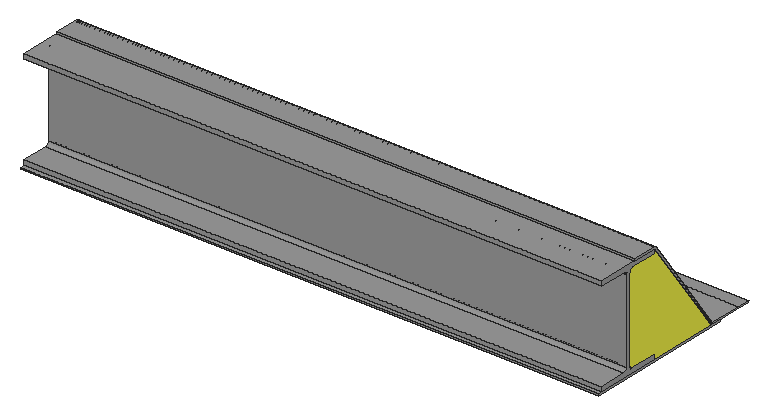
Revit family "XK 150 WIL", category Generic Models, Revit 2014
Parameters (values of type "Max lintel length 6600mm")
  URL = "http://www.keystonelintels.co.uk"
  Structural Opening [instance] = 900 mm
  Structural Performance = "The Keystone lintel range has safe working loads as detailed in each applicable loading table in the Keystone Lintel Guide brochure. The structural performance figures within each table have been ascertained by testing in accordance with the requirements of standards BS EN 5977-2: 1983 and BS EN 845-2: 2003."
  RIBA Productor Selector = "available for Keystone Lintels Ltd from Keystone Lintels Ltd from ribaproductselector.com"
  Model = "X/K 150 WIL"
  Min Length = 600 mm
  Min Clear Span = 300 mm
  Max Length = 6600 mm
  Max Clear Span = 6600 mm
  Material - Stainless Steel = "Grade 304 2b 1.4307 to BS EN 10088-2. Other grades available on request: contact manufacturer."
  Material - Galvanised Steel = "To BS EN 10346: 2009. DX51D plus Z600 or grade Z275 to BS 5977-2: 1983 (BS EN 845-2: 2003)."
  Manufacturer = "Keystone"
  Manufactured Length [instance] = (roundup(Effective Length / 150 mm) * 150 mm)  # 1200 mm
  Lintel height [instance] = 2100 mm
  Keynote = "F30/755"
  Fire Performance = "Keystone lintels have been subjected to a fire test (WARRES No. 101263) in accordance with BS 476-20: 1987, at Exova Warrington Fire and achieved a one hour fire performance."
  End Bearing = 150 mm
  Effective Length [instance] = Clear Opening with MIN MAX set + End Bearing * 2  # 1200 mm
  Corrosion = "Keystone’s standard range of lintels are manufactured from high quality grade pre-galvanized carbon steel with a zinc coating of 600"
  Contact Tel = "+44 (0)28 8676 2184"
  Contact Email = "info@keystonelintels.co.uk"
  Clear Opening with MIN MAX set [instance] = if(Structural Opening < Min Clear Span, Min Clear Span, (if(Structural Opening > Max Clear Span, Max Clear Span, Structural Opening)))  # 900 mm
  CPD Information = "Available for Keystone Lintels Ltd from ribacpd.com"
Reference planes
  plane 1 "Center (Front/Back)": y = 0
  plane 2: z = 0
  plane 3 "Center (Left/Right)": x = 0
  plane 4: x = -600
  plane 5: x = 600
  plane 6: z = 2100
  plane 7: x = -450
  plane 8: x = 450
Forms (mm)
  Extrusion 1, solid, material "Steel"
    sketch origin (0, 692.61, -506.841) x (0, 1, 0) y (0, 0, 1)
      loop
        line (-616.769, 2606.841) -> (-547.494, 2606.841) -> (-522.528, 2605.98) -> (-522.473, 2609.18) -> (-547.437, 2610.041) -> (-616.769, 2610.041)
        arc (-616.769, 2610.041) -> (-617.598, 2610.243) -> (-618.241, 2610.805) r 1.8
        line (-618.241, 2610.805) -> (-761.806, 2814.719)
        arc (-761.806, 2814.719) -> (-763.591, 2816.279) -> (-765.895, 2816.841) r 5
        line (-765.895, 2816.841) -> (-817.6, 2816.841) -> (-817.6, 2813.641) -> (-765.998, 2813.641)
        arc (-765.998, 2813.641) -> (-765.077, 2813.416) -> (-764.363, 2812.792) r 2
        line (-764.363, 2812.792) -> (-620.858, 2608.963)
        arc (-620.858, 2608.963) -> (-619.072, 2607.403) -> (-616.769, 2606.841) r 5
    from -600 to 600
  Extrusion 2, solid, material "Steel"
    sketch origin (0, 692.61, -506.841) x (0, 1, 0) y (0, 0, 1)
      loop
        line (-901.5, 2606.841) -> (-767.6, 2606.841) -> (-767.6, 2616.441) -> (-823.75, 2616.441)
        arc (-823.75, 2616.441) -> (-829.124, 2618.667) -> (-831.35, 2624.041) r 7.6
        line (-831.35, 2624.041) -> (-831.35, 2796.441)
        arc (-831.35, 2796.441) -> (-829.124, 2801.815) -> (-823.75, 2804.041) r 7.6
        line (-823.75, 2804.041) -> (-767.6, 2804.041) -> (-767.6, 2813.641) -> (-901.5, 2813.641) -> (-901.5, 2804.041) -> (-845.35, 2804.041)
        arc (-845.35, 2804.041) -> (-839.976, 2801.815) -> (-837.75, 2796.441) r 7.6
        line (-837.75, 2796.441) -> (-837.75, 2624.041)
        arc (-837.75, 2624.041) -> (-839.976, 2618.667) -> (-845.35, 2616.441) r 7.6
        line (-845.35, 2616.441) -> (-901.5, 2616.441) -> (-901.5, 2606.841)
    from -600 to 600
  Extrusion 3, solid, material "Steel"
    sketch origin (0, 692.61, -506.841) x (0, 1, 0) y (0, 0, 1)
      loop
        line (-596.5, 2606.841) -> (-911.5, 2606.841) -> (-911.5, 2603.641) -> (-596.5, 2603.641) -> (-596.5, 2606.841)
    from -600 to 600
  Extrusion 4, solid, material "Insulation"
    sketch origin (0, 692.61, -506.841) x (0, 1, 0) y (0, 0, 1)
      loop
        arc (-616.769, 2606.841) -> (-619.072, 2607.403) -> (-620.858, 2608.963) r 5
        line (-620.858, 2608.963) -> (-764.363, 2812.792)
        arc (-764.363, 2812.792) -> (-765.077, 2813.416) -> (-765.998, 2813.641) r 2
        line (-765.998, 2813.641) -> (-767.6, 2813.641) -> (-767.6, 2804.041) -> (-823.75, 2804.041)
        arc (-823.75, 2804.041) -> (-829.124, 2801.815) -> (-831.35, 2796.441) r 7.6
        line (-831.35, 2796.441) -> (-831.35, 2624.041)
        arc (-831.35, 2624.041) -> (-829.124, 2618.667) -> (-823.75, 2616.441) r 7.6
        line (-823.75, 2616.441) -> (-767.6, 2616.441) -> (-767.6, 2606.841) -> (-616.769, 2606.841)
    from -600 to 600
  Extrusion 5, solid, not visible
    sketch origin (0, 951.028, 1231.043) x (0, 1, 0) y (0, 0, 1)
      loop
        line (-616.769, 1006.841) -> (-547.494, 1006.841) -> (-522.528, 1005.98) -> (-522.473, 1009.18) -> (-547.437, 1010.041) -> (-616.769, 1010.041)
        arc (-616.769, 1010.041) -> (-617.598, 1010.243) -> (-618.241, 1010.805) r 1.8
        line (-618.241, 1010.805) -> (-761.806, 1214.719)
        arc (-761.806, 1214.719) -> (-763.591, 1216.279) -> (-765.895, 1216.841) r 5
        line (-765.895, 1216.841) -> (-817.6, 1216.841) -> (-817.6, 1213.641) -> (-765.998, 1213.641)
        arc (-765.998, 1213.641) -> (-765.077, 1213.416) -> (-764.363, 1212.792) r 2
        line (-764.363, 1212.792) -> (-620.858, 1008.963)
        arc (-620.858, 1008.963) -> (-619.072, 1007.403) -> (-616.769, 1006.841) r 5
    from 0 to 250
  Extrusion 6, solid, not visible
    sketch origin (0, 678.344, 1172.815) x (0, 1, 0) y (0, 0, 1)
      loop
        line (-901.5, 1006.841) -> (-767.6, 1006.841) -> (-767.6, 1016.441) -> (-823.75, 1016.441)
        arc (-823.75, 1016.441) -> (-829.124, 1018.667) -> (-831.35, 1024.041) r 7.6
        line (-831.35, 1024.041) -> (-831.35, 1196.441)
        arc (-831.35, 1196.441) -> (-829.124, 1201.815) -> (-823.75, 1204.041) r 7.6
        line (-823.75, 1204.041) -> (-767.6, 1204.041) -> (-767.6, 1213.641) -> (-901.5, 1213.641) -> (-901.5, 1204.041) -> (-845.35, 1204.041)
        arc (-845.35, 1204.041) -> (-839.976, 1201.815) -> (-837.75, 1196.441) r 7.6
        line (-837.75, 1196.441) -> (-837.75, 1024.041)
        arc (-837.75, 1024.041) -> (-839.976, 1018.667) -> (-845.35, 1016.441) r 7.6
        line (-845.35, 1016.441) -> (-901.5, 1016.441) -> (-901.5, 1006.841)
    from 0 to 250
  Extrusion 7, solid, not visible
    sketch origin (0, 1090.023, 973.487) x (0, 1, 0) y (0, 0, 1)
      loop
        line (-596.5, 1006.841) -> (-911.5, 1006.841) -> (-911.5, 1003.641) -> (-596.5, 1003.641) -> (-596.5, 1006.841)
    from 0 to 250
  Extrusion 8, solid, not visible
    sketch origin (0, 506.919, 797.886) x (0, 1, 0) y (0, 0, 1)
      loop
        arc (-616.769, 1006.841) -> (-619.072, 1007.403) -> (-620.858, 1008.963) r 5
        line (-620.858, 1008.963) -> (-764.363, 1212.792)
        arc (-764.363, 1212.792) -> (-765.077, 1213.416) -> (-765.998, 1213.641) r 2
        line (-765.998, 1213.641) -> (-767.6, 1213.641) -> (-767.6, 1204.041) -> (-823.75, 1204.041)
        arc (-823.75, 1204.041) -> (-829.124, 1201.815) -> (-831.35, 1196.441) r 7.6
        line (-831.35, 1196.441) -> (-831.35, 1024.041)
        arc (-831.35, 1024.041) -> (-829.124, 1018.667) -> (-823.75, 1016.441) r 7.6
        line (-823.75, 1016.441) -> (-767.6, 1016.441) -> (-767.6, 1006.841) -> (-616.769, 1006.841)
    from 0 to 250
Dimensions and locks
  equal spacing: plane 4, plane 3 "Center (Left/Right)", plane 5
  "Manufactured Length": plane 4 to plane 5
  "Lintel height": plane 6 to level
  "Structural Opening": plane 7 to plane 8
  equal spacing: plane 7, plane 3 "Center (Left/Right)", plane 8
  aligned and locked: level to plane 2
  aligned and locked: Extrusion 1 to plane 6
  aligned and locked: Extrusion 4 to plane 6
  aligned and locked: Extrusion 2 to plane 6
  aligned and locked: plane 6 to Extrusion 3
  aligned and locked: plane 5 to Extrusion 2
  aligned and locked: Extrusion 2 to plane 4
  aligned and locked: plane 5 to Extrusion 3
  aligned and locked: Extrusion 3 to plane 4
  aligned and locked: plane 5 to Extrusion 1
  aligned and locked: Extrusion 1 to plane 4
  aligned and locked: plane 5 to Extrusion 4
  aligned and locked: Extrusion 4 to plane 4
Automatic sketch dimensions
  Extrusion 1 sketch curve to Extrusion 1 sketch curve = 69.275 mm
  Extrusion 1 sketch curve to Extrusion 1 sketch curve = 24.966 mm
  Extrusion 1 sketch curve to Extrusion 1 sketch curve = 0.861 mm
  Extrusion 1 sketch curve to Extrusion 1 sketch curve = 0.055 mm
  Extrusion 1 sketch curve to Extrusion 1 sketch curve = 3.2 mm  (x2)
  Extrusion 1 sketch curve to Extrusion 1 sketch curve = 0.057 mm
  Extrusion 1 sketch curve to Extrusion 1 sketch curve = 0 mm  (x4)
  Extrusion 1 sketch curve to Extrusion 1 sketch curve = 1.8 mm
  Extrusion 1 sketch curve to Extrusion 1 sketch curve = 4.088 mm
  Extrusion 1 sketch curve to Extrusion 1 sketch curve = 1.472 mm
  Extrusion 1 sketch curve to Extrusion 1 sketch curve = 143.565 mm
  Extrusion 1 sketch curve to Extrusion 1 sketch curve = 203.915 mm
  Extrusion 1 sketch curve to Extrusion 1 sketch curve = 2.557 mm
  Extrusion 1 sketch curve to Extrusion 1 sketch curve = 1.927 mm
  Extrusion 1 sketch curve to Extrusion 1 sketch curve = 1.635 mm
  Extrusion 1 sketch curve to Extrusion 1 sketch curve = 1.151 mm
  Extrusion 1 sketch curve to Extrusion 1 sketch curve = 51.601 mm
  Extrusion 1 sketch curve to Extrusion 1 sketch curve = 0.104 mm
  Extrusion 1 sketch curve to Extrusion 1 sketch curve = 0.2 mm
  Extrusion 2 sketch curve to Extrusion 2 sketch curve = 133.9 mm
  Extrusion 2 sketch curve to Extrusion 2 sketch curve = 9.6 mm  (x3)
  Extrusion 2 sketch curve to Extrusion 2 sketch curve = 56.15 mm  (x2)
  Extrusion 2 sketch curve to Extrusion 2 sketch curve = 7.6 mm  (x4)
  Extrusion 2 sketch curve to Extrusion 2 sketch curve = 172.4 mm
  Extrusion 2 sketch curve to Extrusion 2 sketch curve = 14 mm
  Extrusion 2 sketch curve to Extrusion 2 sketch curve = 0 mm
  Extrusion 2 sketch curve to Extrusion 2 sketch curve = 63.75 mm
  Extrusion 3 sketch curve to Extrusion 3 sketch curve = 315 mm
  Extrusion 3 sketch curve to Extrusion 3 sketch curve = 3.2 mm
  Extrusion 4 sketch curve to Extrusion 4 sketch curve = 150.83 mm
  Extrusion 4 sketch curve to Extrusion 4 sketch curve = 9.6 mm
  Extrusion 4 sketch curve to Extrusion 4 sketch curve = 56.15 mm  (x2)
  Extrusion 4 sketch curve to Extrusion 4 sketch curve = 7.6 mm  (x2)
  Extrusion 4 sketch curve to Extrusion 4 sketch curve = 172.4 mm
  Extrusion 4 sketch curve to Extrusion 4 sketch curve = 0 mm
  Extrusion 4 sketch curve to Extrusion 4 sketch curve = 5 mm
  Extrusion 4 sketch curve to Extrusion 4 sketch curve = 4.088 mm
  Extrusion 4 sketch curve to Extrusion 4 sketch curve = 16.351 mm
  Extrusion 4 sketch curve to Extrusion 4 sketch curve = 0.849 mm
  Extrusion 4 sketch curve to Extrusion 4 sketch curve = 1.151 mm
  Extrusion 4 sketch curve to Extrusion 4 sketch curve = 1.601 mm
  Extrusion 4 sketch curve to Extrusion 4 sketch curve = 2.122 mm
  Extrusion 5 sketch curve to Extrusion 5 sketch curve = 69.275 mm
  Extrusion 5 sketch curve to Extrusion 5 sketch curve = 24.966 mm
  Extrusion 5 sketch curve to Extrusion 5 sketch curve = 0.861 mm
  Extrusion 5 sketch curve to Extrusion 5 sketch curve = 0.055 mm
  Extrusion 5 sketch curve to Extrusion 5 sketch curve = 3.2 mm  (x2)
  Extrusion 5 sketch curve to Extrusion 5 sketch curve = 0.057 mm
  Extrusion 5 sketch curve to Extrusion 5 sketch curve = 0 mm  (x4)
  Extrusion 5 sketch curve to Extrusion 5 sketch curve = 1.8 mm
  Extrusion 5 sketch curve to Extrusion 5 sketch curve = 4.088 mm
  Extrusion 5 sketch curve to Extrusion 5 sketch curve = 1.472 mm
  Extrusion 5 sketch curve to Extrusion 5 sketch curve = 143.565 mm
  Extrusion 5 sketch curve to Extrusion 5 sketch curve = 203.915 mm
  Extrusion 5 sketch curve to Extrusion 5 sketch curve = 2.557 mm
  Extrusion 5 sketch curve to Extrusion 5 sketch curve = 1.927 mm
  Extrusion 5 sketch curve to Extrusion 5 sketch curve = 1.635 mm
  Extrusion 5 sketch curve to Extrusion 5 sketch curve = 1.151 mm
  Extrusion 5 sketch curve to Extrusion 5 sketch curve = 51.601 mm
  Extrusion 5 sketch curve to Extrusion 5 sketch curve = 0.104 mm
  Extrusion 5 sketch curve to Extrusion 5 sketch curve = 0.2 mm
  Extrusion 6 sketch curve to Extrusion 6 sketch curve = 133.9 mm
  Extrusion 6 sketch curve to Extrusion 6 sketch curve = 9.6 mm  (x3)
  Extrusion 6 sketch curve to Extrusion 6 sketch curve = 56.15 mm  (x2)
  Extrusion 6 sketch curve to Extrusion 6 sketch curve = 7.6 mm  (x4)
  Extrusion 6 sketch curve to Extrusion 6 sketch curve = 172.4 mm
  Extrusion 6 sketch curve to Extrusion 6 sketch curve = 14 mm
  Extrusion 6 sketch curve to Extrusion 6 sketch curve = 0 mm
  Extrusion 6 sketch curve to Extrusion 6 sketch curve = 63.75 mm
  Extrusion 7 sketch curve to Extrusion 7 sketch curve = 315 mm
  Extrusion 7 sketch curve to Extrusion 7 sketch curve = 3.2 mm
  Extrusion 8 sketch curve to Extrusion 8 sketch curve = 150.83 mm
  Extrusion 8 sketch curve to Extrusion 8 sketch curve = 9.6 mm
  Extrusion 8 sketch curve to Extrusion 8 sketch curve = 56.15 mm  (x2)
  Extrusion 8 sketch curve to Extrusion 8 sketch curve = 7.6 mm  (x2)
  Extrusion 8 sketch curve to Extrusion 8 sketch curve = 172.4 mm
  Extrusion 8 sketch curve to Extrusion 8 sketch curve = 0 mm
  Extrusion 8 sketch curve to Extrusion 8 sketch curve = 5 mm
  Extrusion 8 sketch curve to Extrusion 8 sketch curve = 4.088 mm
  Extrusion 8 sketch curve to Extrusion 8 sketch curve = 16.351 mm
  Extrusion 8 sketch curve to Extrusion 8 sketch curve = 0.849 mm
  Extrusion 8 sketch curve to Extrusion 8 sketch curve = 1.151 mm
  Extrusion 8 sketch curve to Extrusion 8 sketch curve = 1.601 mm
  Extrusion 8 sketch curve to Extrusion 8 sketch curve = 2.122 mm
  Extrusion 4 sketch curve to plane 6 = 0 mm
  plane 1 "Center (Front/Back)" to Extrusion 4 sketch curve = 138.739 mm
  Extrusion 1 sketch curve to plane 6 = 0 mm
  plane 1 "Center (Front/Back)" to Extrusion 1 sketch curve = 124.989 mm
  Extrusion 3 sketch curve to plane 6 = 0 mm
  plane 1 "Center (Front/Back)" to Extrusion 3 sketch curve = 218.889 mm
  Extrusion 2 sketch curve to plane 6 = 0 mm
  plane 1 "Center (Front/Back)" to Extrusion 2 sketch curve = 208.889 mm
